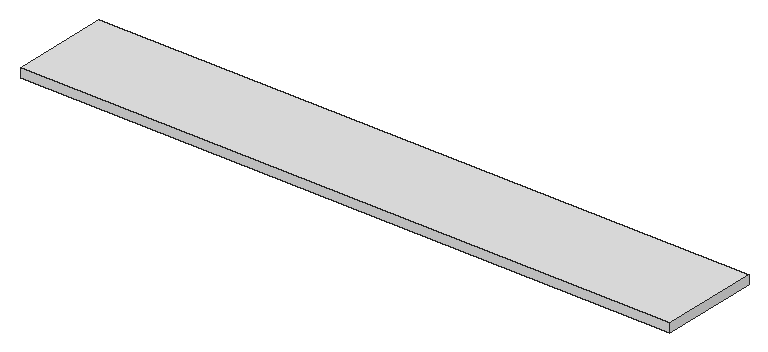
Revit family "11-TRIMBOARD-AND-STEALTH-TRIM-CADS-101-Trimboard-5-8x8-4-REVIT_Versatex-Generic-Model-5-8in-x-8in-TRIMBOARD", category Generic Models, host Face, Revit 2024
Family settings
  Host = Face
  Can host rebar = No
  Round Connector Dimension = Use Diameter
  Part Type = Normal
  Cut with Voids When Loaded = No
  Maintain Annotation Orientation = No
  Shared = No
  Room Calculation Point = No
Parameters
  Model = "TBSM/TR580818"
  Length = 4' - 0"
  Warranty = "https://versatex.com/warranty/"
  URL = "https://versatex.com/"
  Specification = "https://www.arcat.com/company/versatex-45716/spec?coid=45716"
  Sales Information = "https://versatex.com/dealer-locator/"
  Message Manufacturer = "https://versatex.com/contact/"
  Material = Versatex PVC - Smooth
  Manufacturer Website = "https://versatex.com/"
  Manufacturer Phone = "724-857-1111"
  Manufacturer Fax = "724-857-1171"
  Manufacturer Address = "400 Steel Street, Aliquippa, PA 15001"
  Manufacturer = "Versatex"
  Literature = "https://versatex.com/literature/?_sft_literature_category=cads"
  Description = "NOMINAL 5/8” x 8” TRIMBOARD"
  Default Elevation = 4' - 0"
  Copyright = "© 2024 VERSATEX Building Products, LLC"
Reference planes (in)
  plane 1 "Center (Front/Back)": y = 0
  plane 2: z = 0
  plane 3 "Center (Left/Right)": x = 0
  plane 4: x = 24
  plane 5: x = -24
Forms (in)
  Sweep 1, solid, material "Versatex PVC - Smooth" <- "Material"
    path origin (0, 0, 0) x (1, 0, 0) y (0, 1, 0)
      loop
        line (-24, 0) -> (24, 0)
    profile "Versatex_Profile_5-8” x 8” TRIMBOARD : Versatex_Profile_5-8” x 8” TRIMBOARD" origin (0, 0, 0) x (0, 1, 0) y (0, 0, 1)
      loop
        line (0, 0) -> (7.25, 0) -> (7.25, 0.625) -> (0, 0.625) -> (0, 0)
Dimensions and locks (in)
  "Length": plane 5 to plane 4
  equal spacing: plane 5, plane 3 "Center (Left/Right)", plane 4, locked at 24 each
  aligned and locked: plane 2 to host face
  aligned and locked: level to host face
Automatic sketch dimensions
  host sketch curve to host sketch curve = 8' - 0"  (x2)
  plane 1 "Center (Front/Back)" to Sweep 1 sketch curve = 0' - 0"
  Sweep 1 sketch curve to plane 5 = 0' - 0"
  Sweep 1 sketch curve to plane 4 = 0' - 0"
